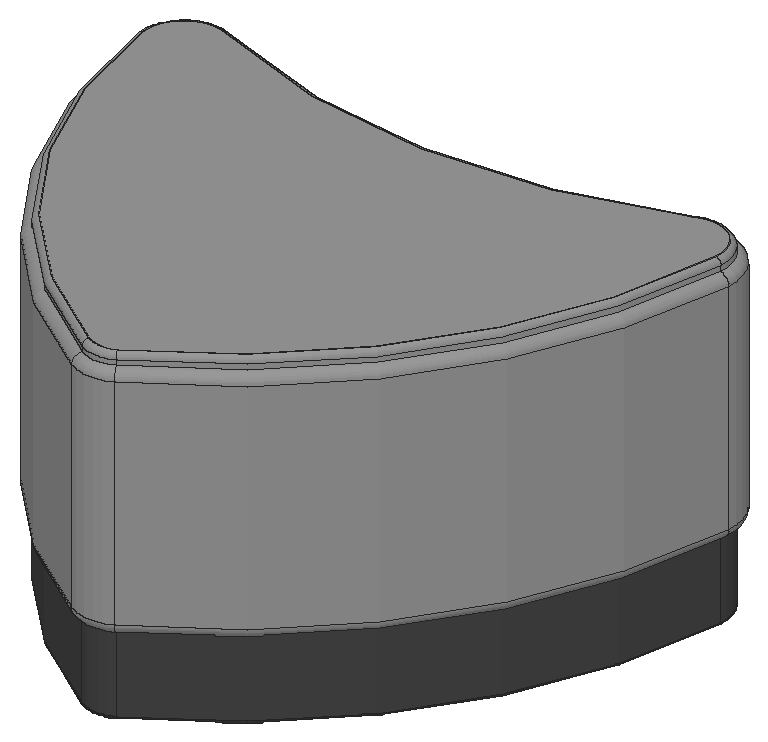
Revit family "1100T Chevron Bench Lam Top", category Generic Models, Revit 2018
Family settings
  Can host rebar = No
  Round Connector Dimension = Use Diameter
  Part Type = Normal
  Work Plane-Based = No
  Always vertical = Yes
  Cut with Voids When Loaded = No
  Shared = No
  Room Calculation Point = No
Parameters
  Fabric = 1100T Chevron Fabric
  Surface = 1100T Chevron Surface
  Edgeband = 1100T Chevron Edgeband
Reference planes (in)
  plane 1 "Center (Front/Back)": y = 0
  plane 2: z = 0
  plane 3 "Center (Left/Right)": x = 0
Forms (in)
  Extrusion 1, solid, material "1100T Chevron Fabric" <- "Fabric"
    sketch origin (0.3023, 0, 0) x (1, 0, 0) y (0, 1, 0)
      loop
        arc (-12.10334, 12.83585) -> (-14.13598, 12.59182) -> (-14.94092, 10.70946) r 2.04719
        arc (-14.94092, 10.70946) -> (-10.50465, -1.30112) -> (-1.12227, -10.01349) r 27.5755
        arc (-1.12227, -10.01349) -> (-0.3023, -10.22903) -> (0.51767, -10.01349) r 1.66747
        arc (0.51767, -10.01349) -> (9.90005, -1.30112) -> (14.33631, 10.70946) r 27.5755
        arc (14.33631, 10.70946) -> (13.53138, 12.59182) -> (11.49874, 12.83585) r 2.04719
        arc (11.49874, 12.83585) -> (-0.3023, 10.41831) -> (-12.10334, 12.83585) r 30.01169
    from 4.50507 to 16.50507
  Sweep 2, solid, material "1100T Chevron Fabric" <- "Fabric"
    path origin (0.3023, 0, 0) x (1, 0, 0) y (0, 1, 0)
      loop
        arc (-14.94092, 10.70946) -> (-10.50465, -1.30112) -> (-1.12227, -10.01349) r 27.5755
        arc (-1.12227, -10.01349) -> (-0.3023, -10.22903) -> (0.51767, -10.01349) r 1.66747
        arc (0.51767, -10.01349) -> (9.90005, -1.30112) -> (14.33631, 10.70946) r 27.5755
        arc (14.33631, 10.70946) -> (13.53138, 12.59182) -> (11.49874, 12.83585) r 2.04719
        arc (11.49874, 12.83585) -> (-0.3023, 10.41831) -> (-12.10334, 12.83585) r 30.01169
        arc (-12.10334, 12.83585) -> (-14.13598, 12.59182) -> (-14.94092, 10.70946) r 2.04719
    profile origin (-10.20235, -1.30112, 0) x (0.831988, 0.554793, 0) y (0, 0, 1)
      loop
        arc (0, 16.50287) -> (-0.38345, 16.37483) -> (-0.54687, 16.00507) r 0.5
        line (-0.54687, 16.00507) -> (-0.54687, 5.00507)
        arc (-0.54687, 5.00507) -> (-0.38345, 4.63532) -> (0, 4.50728) r 0.5
        line (0, 4.50728) -> (0, 16.50287)
  Extrusion 3, solid, material "1100S Frame"
    sketch origin (0.3023, 0, -11.9978) x (1, 0, 0) y (0, 1, 0)
      loop
        arc (-12.10334, 12.83585) -> (-14.13598, 12.59182) -> (-14.94092, 10.70946) r 2.04719
        arc (-14.94092, 10.70946) -> (-10.50465, -1.30112) -> (-1.12227, -10.01349) r 27.5755
        arc (-1.12227, -10.01349) -> (-0.3023, -10.22903) -> (0.51767, -10.01349) r 1.66747
        arc (0.51767, -10.01349) -> (9.90005, -1.30112) -> (14.33631, 10.70946) r 27.5755
        arc (14.33631, 10.70946) -> (13.53138, 12.59182) -> (11.49874, 12.83585) r 2.04719
        arc (11.49874, 12.83585) -> (-0.3023, 10.41831) -> (-12.10334, 12.83585) r 30.01169
    from 12.50287 to 16.50507
  Sweep 4, solid, material "1100S Frame"
    path origin (0.3023, 0, 0) x (1, 0, 0) y (0, 1, 0)
      loop
        arc (-14.94092, 10.70946) -> (-10.50465, -1.30112) -> (-1.12227, -10.01349) r 27.5755
        arc (-1.12227, -10.01349) -> (-0.3023, -10.22903) -> (0.51767, -10.01349) r 1.66747
        arc (0.51767, -10.01349) -> (9.90005, -1.30112) -> (14.33631, 10.70946) r 27.5755
        arc (14.33631, 10.70946) -> (13.53138, 12.59182) -> (11.49874, 12.83585) r 2.04719
        arc (11.49874, 12.83585) -> (-0.3023, 10.41831) -> (-12.10334, 12.83585) r 30.01169
        arc (-12.10334, 12.83585) -> (-14.13598, 12.59182) -> (-14.94092, 10.70946) r 2.04719
    profile origin (-10.20235, -1.30112, 0) x (0.831988, 0.554793, 0) y (0, 0, 1)
      loop
        line (0, 0.50507) -> (0, 4.50728) -> (-0.1, 4.50728) -> (-0.1, 0.60507)
        arc (-0.1, 0.60507) -> (-0.07071, 0.53436) -> (0, 0.50507) r 0.1
  Revolve 5, solid, material "1100S Gliders"
    sketch origin (0.3023, 10.9738, 0) x (1, 0, 0) y (0, 0, 1)
      loop
        line (-12.91969, 0.50507) -> (-12.91969, 0)
        arc (-12.91969, 0) -> (-12.56255, 0.14793) -> (-12.41461, 0.50507) r 0.50507
        line (-12.41461, 0.50507) -> (-12.91969, 0.50507)
      axis (-12.91969, 0) -> (-12.91969, 0.50507)
    angle from 0 to 360
  Revolve 6, solid, material "1100S Gliders"
    sketch origin (25.53707, 10.9738, 0) x (1, 0, 0) y (0, 0, 1)
      loop
        line (-12.91969, 0.50507) -> (-12.91969, 0)
        arc (-12.91969, 0) -> (-12.56255, 0.14793) -> (-12.41461, 0.50507) r 0.50507
        line (-12.41461, 0.50507) -> (-12.91969, 0.50507)
      axis (-12.91969, 0) -> (-12.91969, 0.50507)
    angle from 0 to 360
  Revolve 7, solid, material "1100S Gliders"
    sketch origin (12.91969, -8.28767, 0) x (1, 0, 0) y (0, 0, 1)
      loop
        line (-12.91969, 0.50507) -> (-12.91969, 0)
        arc (-12.91969, 0) -> (-12.56255, 0.14793) -> (-12.41461, 0.50507) r 0.50507
        line (-12.41461, 0.50507) -> (-12.91969, 0.50507)
      axis (-12.91969, 0) -> (-12.91969, 0.50507)
    angle from 0 to 360
  Extrusion 8, solid, material "1100T Chevron Surface" <- "Surface"
    sketch origin (0.3023, 0, 11.9978) x (1, 0, 0) y (0, 1, 0)
      loop
        arc (-1.04159, -9.87064) -> (-0.3023, -10.06497) -> (0.43699, -9.87064) r 1.50341
        arc (0.43699, -9.87064) -> (9.76355, -1.2101) -> (14.17342, 10.72902) r 27.41143
        arc (14.17342, 10.72902) -> (13.433, 12.46053) -> (11.56325, 12.68501) r 1.88313
        arc (11.56325, 12.68501) -> (-0.3023, 10.25425) -> (-12.16785, 12.68501) r 30.17575
        arc (-12.16785, 12.68501) -> (-14.0376, 12.46053) -> (-14.77803, 10.72902) r 1.88313
        arc (-14.77803, 10.72902) -> (-10.36815, -1.2101) -> (-1.04159, -9.87064) r 27.41144
    from 4.50507 to 5.0897
  Sweep 9, solid, material "1100T Chevron Edgeband" <- "Edgeband"
    path origin (0, 0, 0) x (1, 0, 0) y (0, 1, 0)
      loop
        arc (-14.47572, 10.72902) -> (-10.06585, -1.2101) -> (-0.73929, -9.87064) r 27.41144
        arc (-0.73929, -9.87064) -> (0, -10.06497) -> (0.73929, -9.87064) r 1.50341
        arc (0.73929, -9.87064) -> (10.06585, -1.2101) -> (14.47572, 10.72902) r 27.41143
        arc (14.47572, 10.72902) -> (13.7353, 12.46053) -> (11.86555, 12.68501) r 1.88313
        arc (11.86555, 12.68501) -> (0, 10.25425) -> (-11.86555, 12.68501) r 30.17575
        arc (-11.86555, 12.68501) -> (-13.7353, 12.46053) -> (-14.47572, 10.72902) r 1.88313
    profile origin (-10.06585, -1.2101, 0) x (0.831988, 0.554793, 0) y (0, 0, 1)
      loop
        line (0, 16.50507) -> (0, 17.0875)
        arc (0, 17.0875) -> (-0.18053, 16.96304) -> (-0.25, 16.75507) r 0.34601
        line (-0.25, 16.75507) -> (-0.25, 16.50507) -> (0, 16.50507)
Dimensions and locks (in)
  aligned and locked: plane 2 to level
